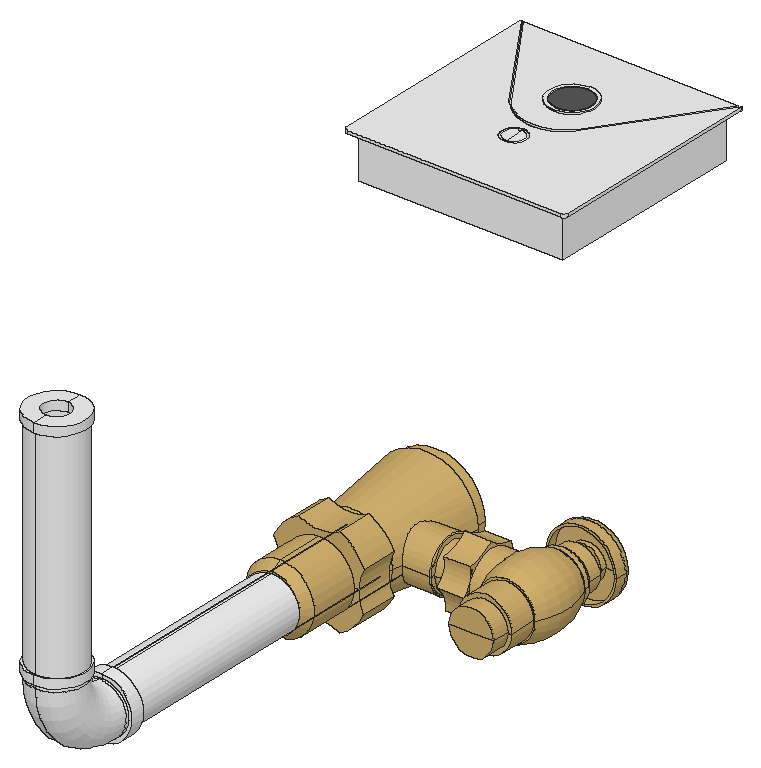
Revit family "Flush_Valve-Urinal_Concealed-American_Standard-Selectronic-Exposed_Back_Spud-606B3XX", category Plumbing Fixtures, host Face, Revit 2019
Family settings
  Host = Face
  Round Connector Dimension = Use Diameter
  Part Type = Normal
  OmniClass Number = 23.65.70.00
  OmniClass Title = Terminals for Supplied Liquids and Gases
  Cut with Voids When Loaded = Yes
  Shared = Yes
  Room Calculation Point = No
Parameters (values of type "606B301.007")
  Valve Distance from Wall Constrain = if([Valve Distance from Wall (max. 8")] > 8", 8", if([Valve Distance from Wall (max. 8")] < 3", 3", [Valve Distance from Wall (max. 8")]))  # 8"
  Waste Connection = no
  WFU = 5
  Vent Connection = no
  URL = "http://www.americanstandard-us.com/"
  Type Comments = ""
  Top of Spud to Fixture Connection Constrain = if(Top of Spud to Fixture Connection < 9", 9", Top of Spud to Fixture Connection)  # 14"
  Top of Spud to Fixture Connection = 14"
  Revised Date = "11/17/2022"
  Product Page URL = "https://www.americanstandard-us.com/Sensor-Flush-Valves/Ultima-Selectronic-Concealed-Urinal-Flush-Valve-Base-Model-Piston-Type-0125-gpf-05-Lpf/NO-FINISH-606B301007"
  Product Documentation Link = "https://americanstandard.box.com/shared/static/becxdc1irnemhchtt02oq3rvuhbddzch.pdf"
  Price = "Prices may vary. Please consult Manufacturer Representative for most up-to-date price list."  # constant formula
  PK00.WRK CR-P2 Lithium Battery and Holder = no
  PK00.PAC Plug-In AC Transformer and Single AC Adapter = no
  PK00.MAC Multi-AC Adapter and 10" Extension Cable = no
  PK00.HAC Hard-Wired AC Transformer, 10' Extension Cable and Single AC Adapter = no
  PK00.CRP CR-P2 Lithium Battery and Holder = no
  Operating Pressure = "20 psi (flowing) - 80 psi (static)"
  Model = "606B301.007"
  Material = "Brass-American Standard-Satin"
  Manufacturer = "American Standard"
  Installation Type = "Exposed Back Spud"
  HWFU = 0
  HW Connection = no
  Flush Rate = "0.125 gpf/0.5 Lpf"
  Flow Requirement = "10 gpm/37.9 L/min"
  Finish- Flush Valve = Brass-American Standard-Satin
  Finish = Stainless Steel-American Standard-007-Chrome
  EPA WaterSense® Certified = yes
  Distance from Valve to Suppy NPT Constrain = if([Distance from Valve to Suppy NPT (4 1/4" to 5 1/4")] > 5 1/4", 5 1/4", if([Distance from Valve to Suppy NPT (4 1/4" to 5 1/4")] < 4 1/4", 4 1/4", [Distance from Valve to Suppy NPT (4 1/4" to 5 1/4")]))  # 4 1/4"
  Description = "Ultima™ Selectronic Concealed Urinal Flush Valve, Base Model, Piston-Type, 0.125 gpf/0.5 Lpf"
  Default Elevation = 28"
  Creation Date = "03/30/2021"
  Compliance Certifications = "ASSE 1037, ANSI/ASME A112.19.2"
  Cold Water Connection Diameter = 3/4"
  CalGreen Compliant = yes
  CWFU = 5
  CW Connection = yes
  Assembly Code = "D2020100"
  Activation = "Hands-free Operation"
  ADA Compliant = yes
  Valve Distance from Wall (max. 8") = 8"
  Distance from Valve to Suppy NPT (4 1/4" to 5 1/4") = 4 1/4"
Types (4): name | Product Page URL | Model | Flush Rate | EPA WaterSense® Certified
  (no name) | "https://www.americanstandard-us.com/Sensor-Flush-Valves/Ultima-Selectronic-Concealed-Urinal-Flush-Valve-Base-Model-Piston-Type-0125-gpf-05-Lpf/NO-FINISH-606B301007" | "606B301.007" | "0.125 gpf/0.5 Lpf" | yes
  606B301.007 | "https://www.americanstandard-us.com/Sensor-Flush-Valves/Ultima-Selectronic-Concealed-Urinal-Flush-Valve-Base-Model-Piston-Type-0125-gpf-05-Lpf/NO-FINISH-606B301007" | "606B301.007" | "0.125 gpf/0.5 Lpf" | yes
  606B305.007 | "https://www.americanstandard-us.com/Sensor-Flush-Valves/Ultima-Selectronic-Concealed-Urinal-Flush-Valve-Base-Model-Piston-Type-05-gpf-19-Lpf/NO-FINISH-606B305007" | "606B305.007" | "0.5 gpf/1.9 Lpf" | yes
  606B310.007 | "https://www.americanstandard-us.com/Sensor-Flush-Valves/Ultima-Selectronic-Concealed-Urinal-Flush-Valve-Base-Model-Piston-Type-05-gpf-19-Lpf/NO-FINISH-606B305007" | "606B310.007" | "1.0 gpf/3.8 Lpf" | no
Reference planes (in)
  plane 1 "Center (Front/Back)": y = 10.64062
  plane 2: z = 0
  plane 3 "Center (Left/Right)": x = 0
  plane 4: x = 4.25
  plane 5 "here": z = -8
  plane 6: y = 16.82812
  plane 7: y = 14.25
  plane 8: y = 2.82812
Forms (in)
  Sweep 1, solid, material "Stainless Steel-American Standard-007-Chrome"
    path origin (0, 0, -3.78125) x (0, 0, -1) y (0, 1, 0)
      loop
        line (4.21875, 13.50488) -> (4.21875, 4.32812)
        arc (4.21875, 4.32812) -> (3.77941, 3.26746) -> (2.71875, 2.82812) r 1.5
        line (2.71875, 2.82812) -> (-3.78125, 2.82812)
    profile origin (0, 8.9165, -8) x (0, 0, -1) y (1, 0, 0)
      loop
        circle (0, 0) r 0.625
      loop
        circle (0, 0) r 0.75
  Revolve 2, solid, material "Brass-American Standard-Satin" <- "Finish- Flush Valve"
    sketch origin (0, 0, -8) x (0, 1, 0) y (-1, 0, 0)
      loop
        line (14.25, 0) -> (14.25, -4.25) -> (15.0625, -4.25) -> (15.0625, -3.125) -> (15.25, -3.125) -> (15.25, -2.375) -> (14.875, -2.375) -> (14.875, -2.00788) -> (14.96984, -2.00788)
        arc (14.96984, -2.00788) -> (14.99117, -1.99904) -> (15, -1.97771) r 0.03016
        line (15, -1.97771) -> (15, 0) -> (14.25, 0)
      axis (14.25, -4.25) -> (14.25, 0)
    angle from 0 to 360
  Extrusion 3, solid, material "Stainless Steel-American Standard-007-Chrome" <- "Finish"
    sketch origin (0.00041, -3.51512, -1.38367) x (1, 0, 0) y (0, 1, 0)
      loop
        arc (-3.10041, 26.59324) -> (-3.11809, 26.58592) -> (-3.12541, 26.56824) r 0.025
        line (-3.12541, 26.56824) -> (-3.12541, 20.46824)
        arc (-3.12541, 20.46824) -> (-3.0888, 20.37985) -> (-3.00041, 20.34324) r 0.125
        line (-3.00041, 20.34324) -> (2.99959, 20.34324)
        arc (2.99959, 20.34324) -> (3.08798, 20.37985) -> (3.12459, 20.46824) r 0.125
        line (3.12459, 20.46824) -> (3.12459, 26.56824)
        arc (3.12459, 26.56824) -> (3.11727, 26.58592) -> (3.09959, 26.59324) r 0.025
        line (3.09959, 26.59324) -> (-3.10041, 26.59324)
    from 1.38367 to 1.46241
  Extrusion 4, void
    sketch origin (2.67097, 2.78368, -5.01931) x (0, 1, 0) y (0, 0, 1)
      loop
        arc (12.45466, -2.99095) -> (12.24765, -2.66587) -> (12.15315, -2.29225) r 1.21199
        arc (12.15315, -2.29225) -> (11.78699, -2.20192) -> (11.46632, -2.00342) r 1.21199
        arc (11.46632, -2.00342) -> (11.1285, -2.22996) -> (10.73475, -2.33198) r 1.21199
        arc (10.73475, -2.33198) -> (10.70893, -2.71233) -> (10.47893, -3.01635) r 0.66675
        arc (10.47893, -3.01635) -> (10.7147, -3.32466) -> (10.77541, -3.708) r 0.79091
        arc (10.77541, -3.708) -> (11.17298, -3.74211) -> (11.49375, -3.97946) r 0.73286
        arc (11.49375, -3.97946) -> (11.79041, -3.76809) -> (12.14997, -3.70978) r 0.80183
        arc (12.14997, -3.70978) -> (12.24285, -3.32516) -> (12.45466, -2.99095) r 1.21199
      loop
        circle (11.46632, -2.98069) r 1.17089
    from -0.29597 to 0.45403
  Extrusion 5, void
    sketch origin (11.51341, 9.25, -5.01931) x (-1, 0, 0) y (0, 0, 1)
      loop
        arc (12.79953, -3.62524) -> (12.97701, -3.00598) -> (12.81928, -2.3814) r 1.2378
        arc (12.81928, -2.3814) -> (12.63853, -3.00061) -> (12.79953, -3.62524) r 1.21735
      loop
        arc (12.12753, -1.68648) -> (11.51459, -1.52412) -> (10.90463, -1.69735) r 1.19802
        arc (10.90463, -1.69735) -> (11.51753, -1.8551) -> (12.12753, -1.68648) r 1.22716
      loop
        arc (10.22729, -3.62524) -> (10.38829, -3.00061) -> (10.20754, -2.3814) r 1.21735
        arc (10.20754, -2.3814) -> (10.0498, -3.00598) -> (10.22729, -3.62524) r 1.2378
      loop
        arc (12.12753, -4.2749) -> (11.51753, -4.10628) -> (10.90463, -4.26403) r 1.22716
        arc (10.90463, -4.26403) -> (11.51459, -4.43726) -> (12.12753, -4.2749) r 1.19802
    from 2.83179 to 3.86762
  Extrusion 6, solid, material "Glass-American Standard-Glossy Black"
    sketch origin (0, 5.75, 0) x (1, 0, 0) y (0, 1, 0)
      loop
        circle (0, 15.24605) r 0.53755
    from 0.06667 to 0.11074
  Revolve 7, solid, material "Brass-American Standard-Satin" <- "Finish- Flush Valve"
    sketch origin (0, 0, -8) x (0, 1, 0) y (-1, 0, 0)
      loop
        line (16.55809, -4.25) -> (12.125, -4.25) -> (12.125, -4.875) -> (12.625, -4.875) -> (12.625, -5) -> (13.375, -5) -> (13.375, -5.05178)
        arc (13.375, -5.05178) -> (14.25, -5.25042) -> (15.125, -5.05178) r 2.02641
        line (15.125, -5.05178) -> (15.19067, -5) -> (15.34743, -5) -> (15.5, -4.875) -> (15.875, -4.875) -> (15.875, -4.34375) -> (15.96694, -4.34375) -> (15.96694, -4.4375) -> (16.09087, -4.4375) -> (16.09087, -4.75) -> (16.23962, -4.75) -> (16.23962, -5.1875) -> (16.00605, -5.1875) -> (16.00605, -5.25) -> (16.30809, -5.25)
        arc (16.30809, -5.25) -> (16.48487, -5.17678) -> (16.55809, -5) r 0.25
        line (16.55809, -5) -> (16.55809, -4.25)
      axis (12.125, -4.25) -> (16.55809, -4.25)
    angle from 0 to 360
  Extrusion 8, void
    sketch origin (0, 5.75, 0) x (1, 0, 0) y (0, 1, 0)
      loop
        circle (0, 13.19509) r 0.35269
      loop
        line (-3.16771, 17.43939) -> (-1.03233, 14.31183)
        arc (-1.03233, 14.31183) -> (0, 13.76667) -> (1.03233, 14.31183) r 1.25
        line (1.03233, 14.31183) -> (3.16771, 17.43939) -> (3.16771, 17.55023) -> (0.98071, 14.34707)
        arc (0.98071, 14.34707) -> (0, 13.82917) -> (-0.98071, 14.34707) r 1.1875
        line (-0.98071, 14.34707) -> (-3.16771, 17.55023) -> (-3.16771, 17.43939)
    from 0.03033 to 0.11074
  Revolve 9, solid, material "Stainless Steel-American Standard-007-Chrome" <- "Finish"
    sketch origin (0, 0, 0) x (0, 1, 0) y (0, 0, 1)
      loop
        line (18.94509, 0.03033) -> (19.28712, 0.03033)
        arc (19.28712, 0.03033) -> (19.27194, 0.06465) -> (19.23715, 0.07874) r 0.05
        line (19.23715, 0.07874) -> (18.94509, 0.07874) -> (18.94509, 0.03033)
      axis (18.94509, 0.07874) -> (18.94509, 0.03033)
    angle from 0 to 360
  Revolve 10, solid, material "Stainless Steel-American Standard-007-Chrome" <- "Finish"
    sketch origin (0, 5.75, 0) x (0, 1, 0) y (0, 0, 1)
      loop
        line (14.60232, 0.07874) -> (14.7085, 0.07874) -> (14.7085, 0.10999) -> (14.60232, 0.10999) -> (14.60232, 0.07874)
      axis (15.24605, 0.10999) -> (15.24605, 0.07062)
    angle from 0 to 360
  Revolve 11, solid, material "Brass-American Standard-Satin" <- "Finish- Flush Valve"
    sketch origin (0, 0, -8) x (0, 1, 0) y (-1, 0, 0)
      loop
        line (12.08179, 0) -> (12.08179, -1.39062) -> (13.11762, -1.39062) -> (13.11762, -0.88725) -> (13.19575, -0.88725) -> (13.19575, -1.07613)
        arc (13.19575, -1.07613) -> (13.20974, -1.11554) -> (13.24546, -1.1373) r 0.0625
        arc (13.24546, -1.1373) -> (14.52672, -1.3549) -> (15.82075, -1.47517) r 17.20619
        line (15.82075, -1.47517) -> (15.82075, -1.3756) -> (16.19552, -1.3756) -> (16.19552, -1.1256) -> (16.38302, -1.1256) -> (16.38302, -0.593) -> (16.50802, -0.593) -> (16.50802, -0.625) -> (16.82812, -0.625) -> (16.82812, 0) -> (12.08179, 0)
      axis (16.82812, 0) -> (12.08179, 0)
    angle from 0 to 360
  Revolve 12, solid, material "Stainless Steel-American Standard-007-Chrome" <- "Finish"
    sketch origin (0, 0, 0) x (0, 1, 0) y (0, 0, 1)
      loop
        line (2.45312, 0) -> (2.45312, 0.25) -> (2.01562, 0.25) -> (2.01562, 0) -> (2.45312, 0)
      loop
        line (2.82812, -6.38187) -> (2.82812, -6.13187) -> (2.01562, -6.13187) -> (2.01562, -6.38187) -> (2.82812, -6.38187)
      axis (2.82812, -6.38187) -> (2.82812, 0.25)
    angle from 0 to 360
  Revolve 13, solid, material "Brass-American Standard-Satin" <- "Finish- Flush Valve"
    sketch origin (0, 0, 0) x (0, 1, 0) y (0, 0, -1)
      loop
        line (10.42384, 8) -> (10.42384, 7.21891) -> (10.71281, 7.03125) -> (14.08179, 7.03125) -> (14.08179, 8) -> (10.42384, 8)
      axis (10.42384, 8) -> (14.08179, 8)
    angle from 0 to 360
  Extrusion 14, solid, material "Stainless Steel-American Standard-007-Chrome" <- "Finish"
    sketch origin (0, 0, -8) x (0, 1, 0) y (-1, 0, 0)
      loop
        line (22.82812, 2.875) -> (17.07812, 2.875) -> (17.07812, -2.875) -> (22.82812, -2.875) -> (22.82812, 2.875)
      loop
        line (22.76562, 2.8125) -> (17.14062, 2.8125) -> (17.14062, -2.8125) -> (22.76562, -2.8125) -> (22.76562, 2.8125)
    from 6.75 to 8
  Revolve 15, solid, material "Stainless Steel-American Standard-007-Chrome"
    sketch origin (0, 0, 0) x (0, 1, 0) y (0, 0, 1)
      loop
        line (4.41158, -8) -> (4.78658, -8) -> (4.78658, -7.14107) -> (4.41158, -7.14107) -> (4.41158, -8)
      axis (4.41158, -8) -> (4.78658, -8)
    angle from 0 to 360
Cuts and joins
  Extrusion 8 cuts Extrusion 3
  joined: Extrusion 3, Revolve 9, Revolve 10, Extrusion 14
  Extrusion 4 cuts Revolve 2
  Extrusion 5 cuts Revolve 11
  joined: Revolve 2, Revolve 7, Revolve 11
Lines and regions (in)
  Masking region 1
    outline origin (0, 10.64062, 0) x (1, 0, 0) y (0, 0, 1)
      loop
        line (-3.125, 0) -> (3.125, 0) -> (3.125, 0.07874) -> (0.8125, 0.07874) -> (0.8125, 0.25) -> (-0.8125, 0.25) -> (-0.8125, 0.07874) -> (-3.125, 0.07874) -> (-3.125, 0)
  Masking region 2, detail levels medium+fine
    outline origin (0, 10.64062, 0) x (1, 0, 0) y (0, 0, 1)
      loop
        arc (1.08449, -7) -> (0.95552, -6.87612) -> (0.8125, -6.76875) r 1.47517
        line (0.8125, -6.76875) -> (0.8125, -1.25) -> (2.875, -1.25) -> (2.875, -1) -> (-2.875, -1) -> (-2.875, -1.25) -> (-0.8125, -1.25) -> (-0.8125, -6.76875)
        arc (-0.8125, -6.76875) -> (-1.12388, -8.95552) -> (1.08449, -9) r 1.47517
        line (1.08449, -9) -> (4.25, -9)
        arc (4.25, -9) -> (5.25, -8) -> (4.25, -7) r 1
        line (4.25, -7) -> (1.08449, -7)
  symbolic lines, detail levels medium+fine
    curve 1: line (-0.8125, 10.64062, 0.07874) -> (0.8125, 10.64062, 0.07874)
Dimensions and locks (in)
  "Distance from Valve to Suppy NPT Constrain": plane 3 "Center (Left/Right)" to plane 4
  plane 4 to Revolve 2 sketch curve to Revolve 2 sketch curve = 1 1/8" locked, 3/4" locked
  locked: Revolve 2 sketch curve to plane 3 "Center (Left/Right)" at 2.00788
  locked: Extrusion 3 sketch curve to Extrusion 3 sketch curve at 6.25  (x2)
  equal spacing: Extrusion 3 sketch curve, plane 3 "Center (Left/Right)", Extrusion 3 sketch curve
  Revolve 7 sketch curve to Revolve 7 sketch curve to Revolve 7 sketch curve to Revolve 7 sketch curve to Revolve 7 sketch curve to plane 7 to Revolve 7 sketch curve to Revolve 7 sketch curve to Revolve 7 sketch curve = 0.14875" locked, 0.12393" locked, 0.09194" locked, 3/8" locked, 1 1/4" locked, 7/8" locked, 3/4" locked, 1/2" locked
  locked: plane 8 to Revolve 12 sketch curve at 0.8125
  locked: plane 1 "Center (Front/Back)" to Revolve 13 sketch curve at 0.21678
  "Top of Spud to Fixture Connection Constrain": plane 6 to plane 8
  Extrusion 5 sketch curve to plane 5 "here" to Extrusion 5 sketch curve = 0.59929" locked, 0.64455" locked
  "Valve Distance from Wall Constrain": level to plane 5 "here"
  locked: cut or joined group of Extrusion 3, Extrusion 8, Revolve 9, Revolve 10, Extrusion 14 to level at 1.25
  Extrusion 8 sketch curve to plane 3 "Center (Left/Right)" to Extrusion 8 sketch curve = 3.16771" locked, 3.16771" locked
  Extrusion 14 sketch curve to Extrusion 14 sketch curve to plane 3 "Center (Left/Right)" to Extrusion 14 sketch curve to Extrusion 14 sketch curve = 1/16" locked, 2 13/16" locked, 2 13/16" locked, 1/16" locked
  Revolve 12 sketch curve to Revolve 12 sketch curve to plane 5 "here" = 1/4" locked, 1.61813" locked
  locked: Revolve 15 sketch curve to Revolve 15 sketch curve at 0.85893
  locked: plane 8 to Revolve 12 sketch curve at 0.375
  Masking region 1 sketch curve to plane 3 "Center (Left/Right)" to Masking region 1 sketch curve = 3 1/8" locked, 3 1/8" locked
  Masking region 2 sketch curve to plane 3 "Center (Left/Right)" to Masking region 2 sketch curve = 2 7/8" locked, 2 7/8" locked
  radius of Revolve 7 sketch curve = 2.02641"
  radius of Revolve 7 sketch curve = 1/4"
  radius of Sweep 1 sketch curve = 1 1/2"
  aligned and locked: plane 2 to host face
  aligned and locked: level to host face
  aligned and locked: Extrusion 4 to Revolve 2  (x2)
  aligned and locked: plane 5 "here" to Revolve 7  (x2)
  aligned and locked: level to cut or joined group of Extrusion 3, Extrusion 8, Revolve 9, Revolve 10, Extrusion 14
  aligned and locked: plane 3 "Center (Left/Right)" to Extrusion 8 sketch curve
  aligned and locked: Sweep 1 sketch curve to plane 5 "here"
  aligned and locked: Sweep 1 sketch curve to plane 8
  aligned and locked: plane 5 "here" to Extrusion 4 sketch curve
  aligned and locked: plane 5 "here" to Revolve 15 sketch curve  (x2)
  aligned and locked: level to Sweep 1 sketch curve
  aligned and locked: Revolve 12 sketch curve to Revolve 12 sketch curve
  aligned and locked: plane 3 "Center (Left/Right)" to Masking region 2 sketch curve  (x2)
  aligned and locked: plane 5 "here" to Masking region 2 sketch curve  (x3)
  aligned and locked: plane 4 to Masking region 2 sketch curve
Automatic sketch dimensions
  host sketch curve to host sketch curve = 49.37169"
  host sketch curve to host sketch curve = 50.82037"
  plane 7 to Sweep 1 sketch curve = 0.74512"
  Sweep 1 sketch curve to Sweep 1 sketch curve = 0"  (x2)
  Sweep 1 sketch curve to profile plane = 0"  (x2)
  plane 6 to Extrusion 3 sketch curve = 0"
  Extrusion 3 sketch curve to Extrusion 3 sketch curve = 0.025"  (x2)
  Extrusion 3 sketch curve to plane 6 = 1/8"  (x2)
  Extrusion 6 sketch curve to plane 3 "Center (Left/Right)" = 0"
  Extrusion 6 sketch curve to plane 6 = 4.16793"
  level to Revolve 9 sketch curve = 0.03033"
  Revolve 9 sketch curve to plane 6 = 2.11696"
  level to Revolve 9 sketch curve = 0.02874"
  Revolve 9 sketch curve to Revolve 9 sketch curve = 0.29206"
  Revolve 9 sketch curve to Revolve 9 sketch curve = 0.04997"
  Revolve 9 sketch curve to Revolve 9 sketch curve = 0"
  level to Revolve 9 sketch curve = 0.01317"
  Revolve 9 sketch curve to Revolve 9 sketch curve = 0.01744"
  level to Revolve 10 sketch curve = 0.10999"
  Revolve 10 sketch curve to plane 6 = 3.5242"
  Revolve 10 sketch curve to Revolve 10 sketch curve = 0.10618"
  Revolve 10 sketch curve to Revolve 10 sketch curve = 1/32"
  Revolve 10 sketch curve to level = 0.04308"
  Revolve 10 sketch curve to Revolve 10 sketch curve = 0.53755"
  level to Revolve 10 sketch curve = 0.06294"
  Revolve 13 sketch curve to plane 5 "here" = 0"  (x2)
  Revolve 13 sketch curve to Revolve 13 sketch curve = 0.28897"
  plane 7 to Revolve 13 sketch curve = 0.16821"
  Revolve 13 sketch curve to Revolve 13 sketch curve = 0.78109"
  Revolve 13 sketch curve to Revolve 13 sketch curve = 31/32"
  Revolve 13 sketch curve to plane 1 "Center (Front/Back)" = 1/4"
  Revolve 13 sketch curve to Revolve 13 sketch curve = 1"
  Revolve 11 sketch curve to plane 3 "Center (Left/Right)" = 0"  (x2)
  plane 6 to Revolve 11 sketch curve = 0"
  plane 6 to Revolve 11 sketch curve = 0.0632"
  plane 6 to Revolve 11 sketch curve = 0.3201"
  Revolve 11 sketch curve to Revolve 11 sketch curve = 1/8"
  Revolve 11 sketch curve to Revolve 11 sketch curve = 3/16"
  Revolve 11 sketch curve to Revolve 11 sketch curve = 0.37478"
  plane 7 to Revolve 11 sketch curve = 0.99175"
  Revolve 11 sketch curve to Revolve 11 sketch curve = 1/16"
  Revolve 11 sketch curve to Revolve 11 sketch curve = 5/64"
  Revolve 11 sketch curve to Revolve 11 sketch curve = 1.03583"
  plane 3 "Center (Left/Right)" to Revolve 11 sketch curve = 0.593"
  Revolve 11 sketch curve to Revolve 11 sketch curve = 0.032"
  plane 3 "Center (Left/Right)" to Revolve 11 sketch curve = 0.88725"
  Revolve 11 sketch curve to Revolve 11 sketch curve = 0.18888"
  Revolve 11 sketch curve to Revolve 11 sketch curve = 0.5326"
  Revolve 11 sketch curve to Revolve 11 sketch curve = 0.3145"
  Revolve 11 sketch curve to Revolve 11 sketch curve = 1/4"  (x2)
  Revolve 11 sketch curve to Revolve 11 sketch curve = 0.09957"
  Revolve 11 sketch curve to plane 3 "Center (Left/Right)" = 15.7051"
  plane 8 to Revolve 11 sketch curve = 0.95641"
  Extrusion 5 sketch curve to plane 5 "here" = 0.03924"  (x2)
  Extrusion 5 sketch curve to plane 4 = 1.90768"
  Extrusion 5 sketch curve to plane 5 "here" = 0.00564"  (x2)
  plane 3 "Center (Left/Right)" to Extrusion 5 sketch curve = 0.22596"
  plane 3 "Center (Left/Right)" to Extrusion 5 sketch curve = 0.00679"  (x2)
  Extrusion 5 sketch curve to plane 3 "Center (Left/Right)" = 0.01183"  (x2)
  Extrusion 5 sketch curve to plane 3 "Center (Left/Right)" = 0.22596"
  Extrusion 5 sketch curve to plane 5 "here" = 0.2586"
  Extrusion 5 sketch curve to Extrusion 5 sketch curve = 2.09409"  (x2)
  plane 5 "here" to Extrusion 5 sketch curve = 0.2586"
  plane 5 "here" to Extrusion 5 sketch curve = 0.59929"
  Extrusion 5 sketch curve to Extrusion 5 sketch curve = 1.03645"
  plane 3 "Center (Left/Right)" to Extrusion 5 sketch curve = 0.60878"  (x2)
  Extrusion 5 sketch curve to plane 3 "Center (Left/Right)" = 0.61412"  (x2)
  Extrusion 5 sketch curve to Extrusion 5 sketch curve = 0.672"
  Extrusion 14 sketch curve to Extrusion 14 sketch curve = 5 3/4"
  Extrusion 14 sketch curve to plane 6 = 1/4"
  Extrusion 14 sketch curve to Extrusion 14 sketch curve = 1/16"  (x2)
  Extrusion 8 sketch curve to Extrusion 8 sketch curve = 0"  (x2)
  Extrusion 8 sketch curve to plane 3 "Center (Left/Right)" = 0"
  Extrusion 8 sketch curve to plane 3 "Center (Left/Right)" = 0.98071"
  Extrusion 8 sketch curve to Extrusion 8 sketch curve = 0.05162"  (x2)
  plane 3 "Center (Left/Right)" to Extrusion 8 sketch curve = 0.98071"
  Extrusion 8 sketch curve to plane 6 = 2.11696"
  Extrusion 8 sketch curve to Extrusion 8 sketch curve = 1.11674"
  Extrusion 8 sketch curve to Extrusion 8 sketch curve = 0.03524"
  Extrusion 8 sketch curve to Extrusion 8 sketch curve = 0.6696"
  Extrusion 8 sketch curve to Extrusion 8 sketch curve = 3.12756"  (x2)
  Extrusion 8 sketch curve to Extrusion 8 sketch curve = 0.11084"  (x2)
  plane 7 to Revolve 7 sketch curve = 0"
  Revolve 7 sketch curve to plane 4 = 0"  (x2)
  Revolve 7 sketch curve to Revolve 7 sketch curve = 3/8"
  Revolve 7 sketch curve to Revolve 7 sketch curve = 0.06567"
  Revolve 7 sketch curve to Revolve 7 sketch curve = 0.15676"
  Revolve 7 sketch curve to Revolve 7 sketch curve = 0.23358"
  Revolve 7 sketch curve to Revolve 7 sketch curve = 0.06847"
  plane 4 to Revolve 7 sketch curve = 3/32"
  Revolve 7 sketch curve to Revolve 7 sketch curve = 3/32"
  Revolve 7 sketch curve to Revolve 7 sketch curve = 5/16"
  Revolve 7 sketch curve to Revolve 7 sketch curve = 1/8"  (x2)
  plane 4 to Revolve 7 sketch curve = 5/8"
  plane 4 to Revolve 7 sketch curve = 3/4"
  Revolve 7 sketch curve to Revolve 7 sketch curve = 1/4"
  Revolve 7 sketch curve to Revolve 7 sketch curve = 0.05178"
  Revolve 7 sketch curve to Revolve 7 sketch curve = 1/16"
  Revolve 7 sketch curve to plane 6 = 0.3662"
  Revolve 7 sketch curve to Revolve 7 sketch curve = 1/2"
  Revolve 2 sketch curve to plane 3 "Center (Left/Right)" = 0"
  plane 7 to Revolve 2 sketch curve = 0"  (x2)
  Revolve 2 sketch curve to plane 4 = 0"
  Revolve 2 sketch curve to plane 7 = 5/8"
  Revolve 2 sketch curve to Revolve 2 sketch curve = 0.09484"
  Revolve 2 sketch curve to Revolve 2 sketch curve = 3/4"
  Revolve 2 sketch curve to Revolve 2 sketch curve = 3/16"
  Revolve 2 sketch curve to Revolve 2 sketch curve = 3/8"
  Revolve 2 sketch curve to plane 3 "Center (Left/Right)" = 1/2"
  Revolve 2 sketch curve to Revolve 2 sketch curve = 2"
  Extrusion 4 sketch curve to plane 7 = 0"  (x2)
  plane 7 to Extrusion 4 sketch curve = 0.55241"
  plane 7 to Extrusion 4 sketch curve = 0.83437"
  plane 5 "here" to Extrusion 4 sketch curve = 0.50181"
  plane 7 to Extrusion 4 sketch curve = 1.38193"
  Extrusion 4 sketch curve to plane 5 "here" = 0.65558"
  Extrusion 4 sketch curve to Extrusion 4 sketch curve = 0.09663"
  Extrusion 4 sketch curve to plane 7 = 0.62888"
  Extrusion 4 sketch curve to plane 7 = 0.79049"
  plane 6 to Extrusion 4 sketch curve = 0.68571"
  plane 6 to Extrusion 4 sketch curve = 0.684"
  Extrusion 4 sketch curve to plane 5 "here" = 0.81745"
  Extrusion 4 sketch curve to Extrusion 4 sketch curve = 0.79139"
  Extrusion 4 sketch curve to Extrusion 4 sketch curve = 0.08208"
  plane 5 "here" to Extrusion 4 sketch curve = 0.79503"
  Extrusion 4 sketch curve to Extrusion 4 sketch curve = 1.35451"
  Extrusion 4 sketch curve to Extrusion 4 sketch curve = 1.10096"
  plane 7 to Extrusion 4 sketch curve = 0.69091"
  Extrusion 4 sketch curve to Extrusion 4 sketch curve = 0.65036"
  Extrusion 4 sketch curve to plane 5 "here" = 0.03566"
  Extrusion 4 sketch curve to Extrusion 4 sketch curve = 101/256"
  Extrusion 4 sketch curve to plane 7 = 0.02743"
  Extrusion 4 sketch curve to plane 7 = 0.68366"
  Extrusion 4 sketch curve to plane 7 = 0.68683"
  Revolve 15 sketch curve to plane 8 = 1.58345"
  Revolve 15 sketch curve to Revolve 15 sketch curve = 3/8"
  Revolve 15 sketch curve to Revolve 15 sketch curve = 3/4"
  Revolve 15 sketch curve to Revolve 15 sketch curve = 1/2"
  Masking region 1 sketch curve to level = 0"
  level to Masking region 1 sketch curve = 1/4"
  level to Masking region 1 sketch curve = 0.07874"  (x2)
  Masking region 1 sketch curve to plane 3 "Center (Left/Right)" = 13/16"
  plane 3 "Center (Left/Right)" to Masking region 1 sketch curve = 13/16"
  level to curve 1 = 0.07874"
  curve 1 to plane 3 "Center (Left/Right)" = 13/16"
  plane 3 "Center (Left/Right)" to curve 1 = 13/16"
  Revolve 12 sketch curve to level = 0"
  Revolve 12 sketch curve to plane 8 = 0"  (x2)
  level to Revolve 12 sketch curve = 1/4"
  Revolve 12 sketch curve to Revolve 12 sketch curve = 4.48629"
  Revolve 12 sketch curve to Revolve 12 sketch curve = 0.62267"
  Masking region 2 sketch curve to plane 3 "Center (Left/Right)" = 13/16"
  plane 3 "Center (Left/Right)" to Masking region 2 sketch curve = 13/16"
  Masking region 2 sketch curve to Masking region 2 sketch curve = 0.27199"
  plane 3 "Center (Left/Right)" to Masking region 2 sketch curve = 1.08449"
  Masking region 2 sketch curve to Masking region 2 sketch curve = 1"
  Masking region 2 sketch curve to level = 1 1/4"  (x2)
  Masking region 2 sketch curve to Masking region 2 sketch curve = 1/4"
  radius of Sweep 1 sketch curve = 5/8"
  radius of Sweep 1 sketch curve = 3/4"
  radius of Extrusion 6 sketch curve = 0.53755"
  radius of Extrusion 8 sketch curve = 0.35269"
  radius of Extrusion 4 sketch curve = 1.17089"
Connectors (in)
  piping at (4.25, 12.125, -8), diameter 0.75, driven by "Cold Water Connection Diameter", driven by "CWFU"
    settings: on cut or joined group of Revolve 2, Extrusion 4, Extrusion 5, Revolve 7, Revolve 11, index 1, connector inside diameter 24", connector length 0", flow factor 0, pipe flow 0 GPM, pressure drop 0.00 psi, fitting loss kfactor 0, connector angle 0.00°, fixture units 5, engagement length 0", angle of deflection 0.00°, flow configuration 3, flow direction 1, fitting loss method 0, system type 20, joint type 0, gender type 0, connector reference index -1, connector utility 0, adjustable connector no, is connector primary yes, connector description "3/4\" N.P.T. CW Inlet Connection"
  piping at (0, 2.82812, 0.25), diameter 0.75, driven by "Cold Water Connection Diameter", driven by "CWFU"
    settings: on Revolve 12, index 2, connector inside diameter 24", connector length 0", flow factor 0, pipe flow 0 GPM, pressure drop 0.00 psi, fitting loss kfactor 0, connector angle 0.00°, fixture units 5, engagement length 0", angle of deflection 0.00°, flow configuration 3, flow direction 2, fitting loss method 0, system type 20, joint type 0, gender type 0, connector reference index -1, connector utility 0, adjustable connector no, is connector primary no, connector description "3/4\" N.P.T. CW Outlet Connection"
